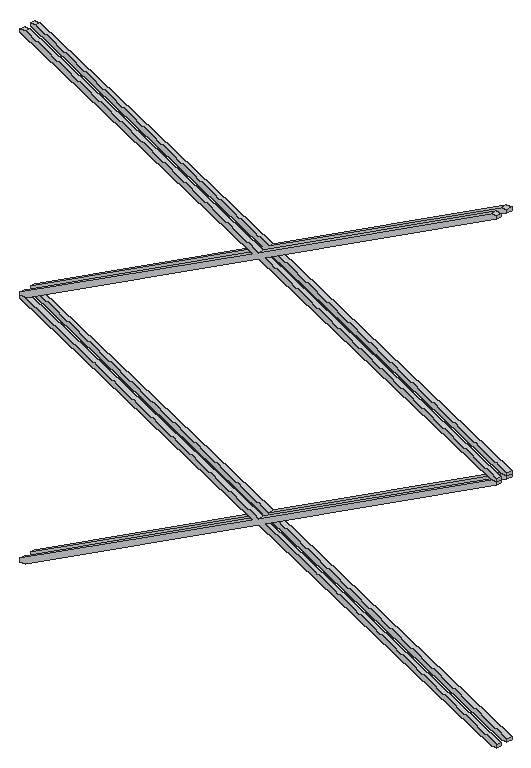
Revit family "M_Padrão do montante_diamante_2x1", category Modelos genéricos, Revit 2019
Family settings
  Pode hospedar o vergalhão = Não
  Cota do conector redondo = Utilizar diâmetro
  Tipo de parte = Normal
  Com base no plano de trabalho = Não
  Sempre na vertical = Sim
  Corte com vazios quando carregada = Não
  Compartilhado = Sim
  Ponto de cálculo do ambiente = Não
Parameters
  Largura [instance] = 1200 mm
  Espessura = 12.7 mm
  Altura [instance] = 1200 mm
  Material interior [instance] = none
  Material externo [instance] = none
  Distância = 19.05 mm
Reference planes
  plane 1 "Centro (Frente/Trás)": y = 0
  plane 2: z = 0
  plane 3 "Centro (Esquerda/Direita)": x = 0
  plane 4: z = 1200
  plane 5: x = -600
  plane 6: x = 600
  plane 7: z = 600
Dimensions and locks
  equal spacing: plane 6, plane 3 "Centro (Esquerda/Direita)", plane 5
  "Largura": plane 6 to plane 5
  "Altura": plane 4 to plane 2
  equal spacing: plane 4, plane 7, plane 2
  aligned and locked: plane 2 to level
  aligned and locked: plane 1 "Centro (Frente/Trás)" to nested 1
  aligned and locked: plane 1 "Centro (Frente/Trás)" to nested 2
  aligned and locked: plane 7 to nested 1
  aligned and locked: plane 4 to nested 1
  aligned and locked: plane 2 to nested 2
  aligned and locked: plane 7 to nested 2
  aligned and locked: plane 5 to nested 2
  aligned and locked: plane 5 to nested 1
  aligned and locked: plane 6 to nested 2
  aligned and locked: plane 6 to nested 1
Nested families
  nested 1: "M_Padrão do montante_diamante" at (0, 0, 600), Material externo <- "Material externo", Material interior <- "Material interior", type "M_Padrão do montante_diamante"
    with W 1200 mm, Material interior none, H 600 mm, Material externo none
  nested 2: "M_Padrão do montante_diamante" at (0, 0, 0), Material externo <- "Material externo", Material interior <- "Material interior", type "M_Padrão do montante_diamante"
    with W 1200 mm, Material interior none, H 600 mm, Material externo none
Definition of nested family "M_Padrão do montante_diamante"
  Parameters (values of type "M_Padrão do montante_diamante")
    W [instance] = 1200 mm
    Espessura = 12.7 mm
    H [instance] = 1200 mm
    Material interior [instance] = none
    Distância = 19.05 mm
    Material externo [instance] = none
  Reference planes
    plane 1 "Centro (Frente/Trás)": y = 0
    plane 2: z = 0
    plane 3 "Centro (Esquerda/Direita)": x = 0
    plane 4: z = 1200
    plane 5: x = -600
    plane 6: x = 600
    plane 7: z = 600
    plane 8: y = 9.525
    plane 9: y = -9.525
    plane 10: y = 22.225
    plane 11: y = -22.225
  Forms (mm)
    Extrusion 1, solid, material <- "Material externo", detail levels fine
      sketch origin (-600, 0, 1200) x (0.707107, 0, -0.707107) y (0.707107, 0, 0.707107)
        loop
          line (0, 6.35) -> (0, -6.35) -> (1697.056, -6.35) -> (1697.056, 6.35) -> (0, 6.35)
      from -22.225 to -9.525
    Extrusion 2, solid, material <- "Material externo", detail levels fine
      sketch origin (600, 0, 1200) x (-0.707107, 0, -0.707107) y (0.707107, 0, -0.707107)
        loop
          line (1697.056, 6.35) -> (0, 6.35) -> (0, -6.35) -> (1697.056, -6.35) -> (1697.056, 6.35)
      from -22.225 to -9.525
    Extrusion 3, void
      sketch origin (0, 0, 0) x (1, 0, 0) y (0, 0, 1)
        loop
          line (-600, 1200) -> (-600, 0) -> (600, 0) -> (600, 1200) -> (-600, 1200)
        loop
          line (-612.7, 1212.7) -> (-612.7, -12.7) -> (612.7, -12.7) -> (612.7, 1212.7) -> (-612.7, 1212.7)
      from -22.225 to 22.225
    Extrusion 4, solid, material <- "Material interior", detail levels fine
      sketch origin (-600, 0, 1200) x (0.707107, 0, -0.707107) y (0.707107, 0, 0.707107)
        loop
          line (0, 6.35) -> (0, -6.35) -> (1697.056, -6.35) -> (1697.056, 6.35) -> (0, 6.35)
      from 9.525 to 22.225
    Extrusion 5, solid, material <- "Material interior", detail levels fine
      sketch origin (600, 0, 1200) x (-0.707107, 0, -0.707107) y (0.707107, 0, -0.707107)
        loop
          line (0, -6.35) -> (1697.056, -6.35) -> (1697.056, 6.35) -> (0, 6.35) -> (0, -6.35)
      from 9.525 to 22.225
  Cuts and joins
    Extrusion 3 cuts Extrusion 1
    Extrusion 3 cuts Extrusion 2
    joined: Extrusion 1, Extrusion 2
    Extrusion 3 cuts Extrusion 4
    Extrusion 3 cuts Extrusion 5
    joined: Extrusion 4, Extrusion 5
  Lines and regions (mm)
    reference lines
      curve 1: line (-600, 0, 1200) -> (600, 0, 0)
      curve 2: line (600, 0, 1200) -> (-600, 0, 0)
      curve 3: line (-600, 0, 1200) -> (-447.336, 0, 1352.664)
      curve 4: line (600, 0, 0) -> (793.076, 0, 193.076)
      curve 5: line (-529.006, 0, 1120.026) -> (416.643, 0, 174.377)
      curve 6: line (-520.026, 0, 1129.006) -> (425.623, 0, 183.357)
      curve 7: line (600, 0, 1200) -> (469.786, 0, 1330.214)
      curve 8: line (-600, 0, 0) -> (-707.763, 0, 107.763)
      curve 9: line (-595.51, 0, -4.49) -> (557.214, 0, 1148.233)
      curve 10: line (-604.49, 0, 4.49) -> (548.233, 0, 1157.214)
    model lines, detail levels medium
      curve 11: line (600, 9.525, 0) -> (-600, 9.525, 1200)
      curve 12: line (600, 9.525, 1200) -> (-600, 9.525, 0)
      curve 13: line (600, -9.525, 0) -> (-600, -9.525, 1200)
      curve 14: line (600, -9.525, 1200) -> (-600, -9.525, 0)
  Dimensions and locks
    equal spacing: plane 6, plane 3 "Centro (Esquerda/Direita)", plane 5
    "W": plane 6 to plane 5
    "H": plane 4 to plane 2
    equal spacing: plane 4, plane 7, plane 2
    equal spacing: curve 5, curve 1, curve 6
    "Espessura": curve 5 to curve 6
    equal spacing: curve 9, curve 2, curve 10
    "Espessura": curve 9 to curve 10
    "Espessura": Extrusion 3 sketch curve to plane 6
    "Espessura": plane 2 to Extrusion 3 sketch curve
    "Espessura": plane 5 to Extrusion 3 sketch curve
    "Espessura": Extrusion 3 sketch curve to plane 4
    "Distância": plane 8 to plane 9
    equal spacing: plane 8, plane 1 "Centro (Frente/Trás)", plane 9
    "Espessura": plane 10 to plane 8
    "Espessura": plane 9 to plane 11
    locked: curve 1 to curve 3 (angle 90.00°)
    locked: curve 4 to curve 1 (angle 90.00°)
    locked: curve 7 to curve 2 (angle 90.00°)
    locked: curve 2 to curve 8 (angle 90.00°)
    aligned and locked: plane 2 to level
    aligned and locked: plane 4 to curve 1
    aligned and locked: plane 5 to curve 1
    aligned and locked: plane 2 to curve 2
    aligned and locked: plane 5 to curve 2
    aligned and locked: plane 6 to curve 1
    aligned and locked: plane 2 to curve 1
    aligned and locked: plane 6 to curve 2
    aligned and locked: plane 4 to curve 2
    aligned and locked: plane 4 to curve 3
    aligned and locked: plane 5 to curve 3
    aligned and locked: plane 6 to curve 4
    aligned and locked: plane 2 to curve 4
    aligned and locked: Extrusion 1 sketch curve to curve 5
    aligned and locked: Extrusion 1 sketch curve to curve 3
    aligned and locked: Extrusion 1 sketch curve to curve 6
    aligned and locked: curve 6 to Extrusion 1 sketch curve
    aligned and locked: curve 5 to Extrusion 1 sketch curve
    aligned and locked: Extrusion 1 sketch curve to curve 4
    aligned and locked: curve 4 to Extrusion 1 sketch curve
    aligned and locked: plane 5 to curve 8
    aligned and locked: plane 2 to curve 8
    aligned and locked: plane 6 to curve 7
    aligned and locked: plane 4 to curve 7
    aligned and locked: Extrusion 2 sketch curve to curve 10  (x2)
    aligned and locked: Extrusion 2 sketch curve to curve 8  (x2)
    aligned and locked: curve 9 to Extrusion 2 sketch curve  (x2)
    aligned and locked: curve 7 to Extrusion 2 sketch curve
    aligned and locked: plane 5 to Extrusion 3 sketch curve
    aligned and locked: Extrusion 3 sketch curve to plane 4
    aligned and locked: Extrusion 3 sketch curve to plane 6
    aligned and locked: plane 2 to Extrusion 3 sketch curve
    aligned and locked: plane 10 to cut or joined group of Extrusion 1, Extrusion 2, Extrusion 3  (x2)
    aligned and locked: cut or joined group of Extrusion 1, Extrusion 2, Extrusion 3 to plane 8  (x2)
    aligned and locked: plane 10 to Extrusion 3
    aligned and locked: Extrusion 3 to plane 11
    aligned and locked: curve 3 to Extrusion 4 sketch curve
    aligned and locked: Extrusion 4 sketch curve to curve 3
    aligned and locked: Extrusion 4 sketch curve to curve 6
    aligned and locked: Extrusion 4 sketch curve to curve 5
    aligned and locked: Extrusion 4 sketch curve to curve 4
    aligned and locked: curve 6 to Extrusion 4 sketch curve
    aligned and locked: curve 5 to Extrusion 4 sketch curve
    aligned and locked: Extrusion 5 sketch curve to curve 9
    aligned and locked: Extrusion 5 sketch curve to curve 10
    aligned and locked: Extrusion 5 sketch curve to curve 7  (x2)
    aligned and locked: Extrusion 5 sketch curve to curve 8  (x2)
    aligned and locked: curve 9 to Extrusion 5 sketch curve
    aligned and locked: curve 10 to Extrusion 5 sketch curve
    aligned and locked: Extrusion 4 to plane 11
    aligned and locked: Extrusion 5 to plane 11
    aligned and locked: plane 9 to Extrusion 4
    aligned and locked: plane 9 to Extrusion 5
    aligned and locked: plane 2 to curve 11
    aligned and locked: plane 6 to curve 11
    aligned and locked: plane 5 to curve 11
    aligned and locked: plane 4 to curve 11
    aligned and locked: plane 5 to curve 12
    aligned and locked: plane 2 to curve 12
    aligned and locked: plane 4 to curve 12
    aligned and locked: plane 6 to curve 12
    aligned and locked: plane 2 to curve 13
    aligned and locked: plane 6 to curve 13
    aligned and locked: plane 4 to curve 14
    aligned and locked: plane 6 to curve 14
    aligned and locked: plane 4 to curve 13
    aligned and locked: plane 5 to curve 13
    aligned and locked: plane 2 to curve 14
    aligned and locked: plane 5 to curve 14
  Automatic sketch dimensions
    curve 1 to curve 6 = 106.751 mm
    curve 1 to curve 5 = 106.751 mm
    curve 5 to curve 1 = 252.956 mm
    curve 6 to curve 5 = 0 mm
    curve 2 to curve 9 = 0 mm
    curve 2 to curve 9 = 66.859 mm
    curve 2 to curve 10 = 66.859 mm
